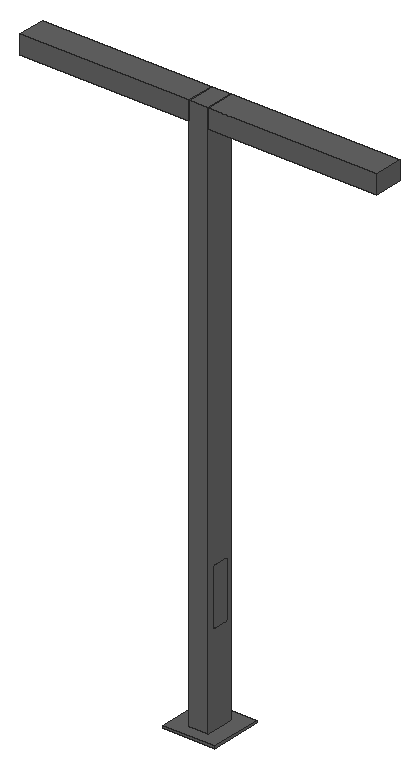
Revit family "Lin1-9.84ft-Double Head", category Lighting Fixtures, Revit 2022
Family settings
  Round Connector Dimension = Use Diameter
  Part Type = Normal
  OmniClass Number = 23.80.70.00
  OmniClass Title = Lighting
  Work Plane-Based = No
  Always vertical = Yes
  Cut with Voids When Loaded = No
  Light Source = No
  Maintain Annotation Orientation = No
  Shared = No
  Room Calculation Point = No
Parameters (values of type "LIN1-60W-3000K-V-9.84ft")
  Wattage Comments = "60W"
  URL = "https://www.abovealllighting.com/Product/LED-OUTDOOR-FIXTURES/LEDMOONSERIESPOSTTOP/MACKLINColumnLight.html"
  Power Factor = "0.9"
  Model = "LIN1-6030801-V-BK"
  Manufacturer = "Above All Lighting"  # constant formula
  Load Classification = Lighting
  Lamp = "LED"
  Input Voltage = "120-277V"
  IP Rating = "IP65"
  IES = IES : 60W-V
  H = 9' - 10.07928"
  Default Elevation = 0' - 0"
  CRI = "80"
Types (17): name | Wattage Comments | Model | IES
  (no name) | "60W" | "LIN1-6030801-V-BK" | IES : 60W-V
  LIN1-30W-3000K-II-9.84ft | "30W" | "LIN1-3030801-II-BK" | IES : 30W-II
  LIN1-30W-3000K-III-9.84ft | "30W" | "LIN1-3030801-III-BK" | IES : 30W-III
  LIN1-30W-3000K-IV-9.84ft | "30W" | "LIN1-3030801-IV-BK" | IES : 30W-IV
  LIN1-30W-3000K-V-9.84ft | "30W" | "LIN1-3030801-V-BK" | IES : 30W-V
  LIN1-40W-3000K-II-9.84ft | "40W" | "LIN1-4030801-II-BK" | IES : 40W-II
  LIN1-40W-3000K-III-9.84ft | "40W" | "LIN1-4030801-III-BK" | IES : 40W-III
  LIN1-40W-3000K-IV-9.84ft | "40W" | "LIN1-4030801-IV-BK" | IES : 40W-IV
  LIN1-40W-3000K-V-9.84ft | "40W" | "LIN1-4030801-V-BK" | IES : 40W-V
  LIN1-50W-3000K-II-9.84ft | "50W" | "LIN1-5030801-II-BK" | IES : 50W-II
  LIN1-50W-3000K-III-9.84ft | "50W" | "LIN1-5030801-III-BK" | IES : 50W-III
  LIN1-50W-3000K-IV-9.84ft | "50W" | "LIN1-5030801-IV-BK" | IES : 50W-IV
  LIN1-50W-3000K-V-9.84ft | "50W" | "LIN1-5030801-V-BK" | IES : 50W-V
  LIN1-60W-3000K-II-9.84ft | "60W" | "LIN1-6030801-II-BK" | IES : 60W-II
  LIN1-60W-3000K-III-9.84ft | "60W" | "LIN1-6030801-III-BK" | IES : 60W-III
  LIN1-60W-3000K-IV-9.84ft | "60W" | "LIN1-6030801-IV-BK" | IES : 60W-IV
  LIN1-60W-3000K-V-9.84ft | "60W" | "LIN1-6030801-V-BK" | IES : 60W-V
Reference planes (in)
  plane 1 "Light Source Axis (F/B)": y = 0
  plane 2: z = 0
  plane 3 "Light Source Axis (L/R)": x = 0
  plane 4 "Light Source Elevation": z = 114.13928
  plane 5: z = 118.07928
  plane 6: x = -1.99
  plane 7: x = 1.99
  plane 8: x = 37.42
  plane 9: z = 114.13928
Forms (in)
  Extrusion 1, solid, material "Metal, Paint Finish, White, Matte"
    sketch origin (0, 0, 0) x (1, 0, 0) y (0, 1, 0)
      loop
        line (-1.99, 2.95) -> (-1.99, -2.95) -> (1.99, -2.95) -> (1.99, 2.95) -> (-1.99, 2.95)
    from 0 to 118.07928
  Extrusion 2, solid, material "Metal, Paint Finish, White, Matte"
    sketch origin (0, 0, 0) x (1, 0, 0) y (0, 1, 0)
      loop
        line (1.99, 2.95) -> (1.99, -2.95) -> (37.42, -2.95) -> (37.42, 2.95) -> (1.99, 2.95)
    from 114.13928 to 118.07928
  Extrusion 3, solid, material "Metal, Paint Finish, White, Matte"
    sketch origin (0, 0, 0) x (1, 0, 0) y (0, 1, 0)
      loop
        line (-5.51, 5.51) -> (-5.51, -5.51) -> (5.51, -5.51) -> (5.51, 5.51) -> (-5.51, 5.51)
    from 0 to 0.394
  Extrusion 4, solid, material "Glass, White, High Luminance"
    sketch origin (0, 0, 0) x (1, 0, 0) y (0, 1, 0)
      loop
        line (20.18595, 1.42747) -> (20.18595, -1.42747) -> (29.42, -1.42747) -> (29.42, 1.42747) -> (20.18595, 1.42747)
    from 114.06559 to 114.13928
  Extrusion 5, solid, material "Metal, Paint Finish, White, Matte"
    sketch origin (0, 0, 0) x (0, 1, 0) y (0, 0, 1)
      loop
        arc (-1.27, 31.5) -> (-1.62355, 31.35355) -> (-1.77, 31) r 0.5
        line (-1.77, 31) -> (-1.77, 20.19)
        arc (-1.77, 20.19) -> (-1.62355, 19.83645) -> (-1.27, 19.69) r 0.5
        line (-1.27, 19.69) -> (1.27, 19.69)
        arc (1.27, 19.69) -> (1.62355, 19.83645) -> (1.77, 20.19) r 0.5
        line (1.77, 20.19) -> (1.77, 31)
        arc (1.77, 31) -> (1.62355, 31.35355) -> (1.27, 31.5) r 0.5
        line (1.27, 31.5) -> (-1.27, 31.5)
    from 1.99 to 2.21533
  Extrusion 6, solid, material "Metal, Paint Finish, White, Matte"
    sketch origin (0, 0, 0) x (-1, 0, 0) y (0, -1, 0)
      loop
        line (1.99, -2.95) -> (37.42, -2.95) -> (37.42, 2.95) -> (1.99, 2.95) -> (1.99, -2.95)
    from 114.13928 to 118.07928
  Extrusion 7, solid, material "Glass, White, High Luminance"
    sketch origin (0, 0, 0) x (-1, 0, 0) y (0, -1, 0)
      loop
        line (20.18595, -1.42747) -> (29.42, -1.42747) -> (29.42, 1.42747) -> (20.18595, 1.42747) -> (20.18595, -1.42747)
    from 114.06559 to 114.13928
Dimensions and locks (in)
  locked: plane 5 to plane 9 at 3.94
  locked: plane 8 to Extrusion 1 at 39.41
  "H": plane 5 to level
  locked: Extrusion 3 to Extrusion 3 at 0.394
  locked: Extrusion 1 to Extrusion 1 at 5.9
  locked: Extrusion 3 to Extrusion 3 at 11.02  (x2)
  locked: Extrusion 4 to Extrusion 2 at 0.07369
  locked: plane 8 to Extrusion 1 at 35.43
  locked: Extrusion 7 to Extrusion 6 at 0.07369
  aligned and locked: level to plane 2
  aligned and locked: Extrusion 1 to level
  aligned and locked: plane 5 to Extrusion 1
  aligned and locked: Extrusion 2 sketch curve to Extrusion 1  (x2)
  aligned and locked: plane 5 to Extrusion 2
  aligned and locked: plane 9 to Extrusion 2
  aligned and locked: Extrusion 2 to Extrusion 1
  aligned and locked: Extrusion 1 to plane 5
  aligned and locked: Extrusion 3 to level
  aligned and locked: plane 9 to plane 4 "Light Source Elevation"
  aligned and locked: Extrusion 4 to plane 9
  aligned and locked: Extrusion 5 to Extrusion 1
  aligned and locked: plane 5 to Extrusion 6
  aligned and locked: plane 9 to Extrusion 6
  aligned and locked: Extrusion 7 to plane 9
  aligned and locked: Extrusion 7 to Extrusion 4
  aligned and locked: nested 1 to Extrusion 2
  aligned and locked: nested 2 to plane 9
Automatic sketch dimensions
  Extrusion 1 sketch curve to plane 6 = 0' - 0"
  Extrusion 1 sketch curve to plane 7 = 0' - 0"
  plane 1 "Light Source Axis (F/B)" to Extrusion 1 sketch curve = 0' - 2.95"
  Extrusion 1 sketch curve to plane 1 "Light Source Axis (F/B)" = 0' - 2.95"
  Extrusion 2 sketch curve to plane 7 = 0' - 0"
  Extrusion 2 sketch curve to plane 8 = 0' - 0"
  plane 6 to Extrusion 3 sketch curve = 0' - 3.52"
  plane 7 to Extrusion 3 sketch curve = 0' - 3.52"
  plane 1 "Light Source Axis (F/B)" to Extrusion 3 sketch curve = 0' - 5.51"
  Extrusion 3 sketch curve to plane 1 "Light Source Axis (F/B)" = 0' - 5.51"
  plane 1 "Light Source Axis (F/B)" to Extrusion 4 sketch curve = 0' - 1.42747"
  Extrusion 4 sketch curve to plane 8 = 1' - 5.23405"
  Extrusion 4 sketch curve to plane 8 = 0' - 8"
  Extrusion 4 sketch curve to plane 1 "Light Source Axis (F/B)" = 0' - 1.42747"
  plane 1 "Light Source Axis (F/B)" to Extrusion 5 sketch curve = 0' - 1.77"
  Extrusion 5 sketch curve to Extrusion 5 sketch curve = 0' - 0 1/2"  (x3)
  Extrusion 5 sketch curve to plane 1 "Light Source Axis (F/B)" = 0' - 1.27"  (x2)
  level to Extrusion 5 sketch curve = 1' - 7.69"
  Extrusion 5 sketch curve to Extrusion 5 sketch curve = 0' - 10.81"
  Extrusion 6 sketch curve to plane 6 = 0' - 0"
  plane 1 "Light Source Axis (F/B)" to Extrusion 6 sketch curve = 0' - 2.95"
  Extrusion 6 sketch curve to Extrusion 6 sketch curve = 2' - 11.43"
  Extrusion 6 sketch curve to plane 1 "Light Source Axis (F/B)" = 0' - 2.95"
  plane 1 "Light Source Axis (F/B)" to Extrusion 7 sketch curve = 0' - 1.42747"
  plane 6 to Extrusion 7 sketch curve = 1' - 6.19595"
  Extrusion 7 sketch curve to Extrusion 7 sketch curve = 0' - 9.23405"
  Extrusion 7 sketch curve to plane 1 "Light Source Axis (F/B)" = 0' - 1.42747"
Nested families (in)
  nested 1: "IES" at (0.09631, 0.10083, 114.13928), type <- "IES", type "60W-V"
    with built-in parameter 1001306 4.4167 (stored number, unit not read)
  nested 2: "IES" at (-0.09631, -0.10083, 114.13928) x (-1, 0, 0) z (0, 0, 1), type <- "IES", type "60W-V"
    with built-in parameter 1001306 4.4167 (stored number, unit not read)
Definition of nested family "IES"
  Parameters (values of type "60W-V")
    Wattage = 51.8305 W
    built-in parameter 1150110 = 1 (stored number, unit not read)
    built-in parameter 1114217 = 1 (stored number, unit not read)
    Tilt Angle = 90.00°
    built-in parameter 1150109 = 1 (stored number, unit not read)
    built-in parameter 1150134 = (empty or 0)
    built-in parameter 1150113 = 1 (stored number, unit not read)
    Power Factor = ""
    Photometric Web File = "LIN1-6030801-V-BK.IES"
    Manufacturer = "Above All Lighting"
    built-in parameter 1150105 = 4711.7 (stored number, unit not read)
    Lumens = 7699 lm
    built-in parameter 1150115 = 1 (stored number, unit not read)
    Load Classification = none
    built-in parameter 1150137 = (empty or 0)
    built-in parameter 1150139 = (empty or 0)
    built-in parameter 1001306 [instance] = 2' - 0 103/128"
    built-in parameter 1150112 = 1 (stored number, unit not read)
    built-in parameter 1150114 = 1 (stored number, unit not read)
    Input Voltage = ""
    built-in parameter 1150132 = 2
    built-in parameter 1150102 = (empty or 0)
    built-in parameter 1150107 = 3000 (stored number, unit not read)
    built-in parameter 1150138 = (empty or 0)
    built-in parameter 1150106 = 47.117 (stored number, unit not read)
    IP Rating = ""
    built-in parameter 1150104 = 13.8 (stored number, unit not read)
    Dimming Lamp Color Temperature Shift = (empty or 0)
    Default Elevation = 0' - 0"
    Color Filter = 16777215
    CRI = ""
    built-in parameter 1114218 = 1 (stored number, unit not read)
    built-in parameter 1150133 = 10 (stored number, unit not read)
  Types (17): name | Wattage | Photometric Web File | built-in parameter 1150105 | Lumens | built-in parameter 1150106
    (no name) | 51.8305 W | "LIN1-6030801-V-BK.IES" | 4711.7 (stored number, unit not read) | 7699 lm | 47.117 (stored number, unit not read)
    30W-II | 30.2473 W | "LIN1-3030801-II-BK.IES" | 2340.8 (stored number, unit not read) | 4493 lm | 23.408 (stored number, unit not read)
    30W-III | 30.0925 W | "LIN1-3030801-III-BK.IES" | 2328.8 (stored number, unit not read) | 4470 lm | 23.288 (stored number, unit not read)
    30W-IV | 30.9609 W | "LIN1-3030801-IV-BK.IES" | 2036.5 (stored number, unit not read) | 4599 lm | 20.365 (stored number, unit not read)
    30W-V | 29.7694 W | "LIN1-3030801-V-BK.IES" | 2711.3 (stored number, unit not read) | 4422 lm | 27.113 (stored number, unit not read)
    40W-II | 38.097 W | "LIN1-4030801-II-BK.IES" | 2952.9 (stored number, unit not read) | 5659 lm | 29.529 (stored number, unit not read)
    40W-III | 35.0877 W | "LIN1-4030801-III-BK.IES" | 2707.6 (stored number, unit not read) | 5212 lm | 27.076 (stored number, unit not read)
    40W-IV | 39.2616 W | "LIN1-4030801-IV-BK.IES" | 2586.6 (stored number, unit not read) | 5832 lm | 25.866 (stored number, unit not read)
    40W-V | 37.7806 W | "LIN1-4030801-V-BK.IES" | 3439.9 (stored number, unit not read) | 5612 lm | 34.399 (stored number, unit not read)
    50W-II | 45.2801 W | "LIN1-5030801-II-BK.IES" | 3511.6 (stored number, unit not read) | 6726 lm | 35.116 (stored number, unit not read)
    50W-III | 41.2813 W | "LIN1-5030801-III-BK.IES" | 3181.7 (stored number, unit not read) | 6132 lm | 31.817 (stored number, unit not read)
    50W-IV | 46.8622 W | "LIN1-6030801-IV-BK.IES" | 3085 (stored number, unit not read) | 6961 lm | 30.85 (stored number, unit not read)
    50W-V | 45.2397 W | "LIN1-5030801-V-BK.IES" | 4112.6 (stored number, unit not read) | 6720 lm | 41.126 (stored number, unit not read)
    60W-II | 53.1028 W | "LIN1-6030801-II-BK.IES" | 4192.5 (stored number, unit not read) | 7888 lm | 41.925 (stored number, unit not read)
    60W-III | 48.1009 W | "LIN1-6030801-III-BK.IES" | 3712.2 (stored number, unit not read) | 7145 lm | 37.122 (stored number, unit not read)
    60W-IV | 53.4192 W | "LIN1-6030801-IV-BK.IES" | 3507.8 (stored number, unit not read) | 7935 lm | 35.078 (stored number, unit not read)
    60W-V | 51.8305 W | "LIN1-6030801-V-BK.IES" | 4711.7 (stored number, unit not read) | 7699 lm | 47.117 (stored number, unit not read)
  Reference planes (in)
    plane 1 "Center (Front/Back)": y = 0
    plane 2: z = 0
    plane 3 "Left": x = 0
    plane 4 "Right": x = 24.80469
  Lines and regions (in)
    reference lines
      curve 1: line (0, 0, 0) -> (24.80469, 0, 0)
  Dimensions and locks (in)
    "built-in parameter 1001306": plane 3 "Left" to plane 4 "Right"
    aligned and locked: plane 4 "Right" to curve 1
    aligned and locked: plane 1 "Center (Front/Back)" to curve 1
    aligned and locked: plane 3 "Left" to curve 1
    aligned and locked: level to plane 2
